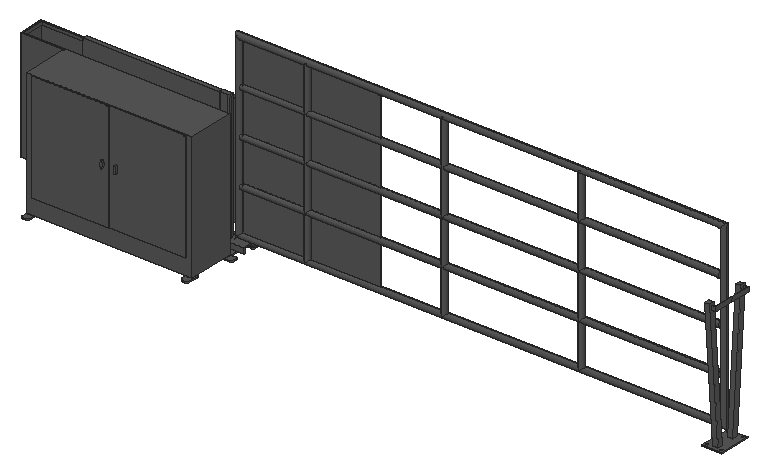
Revit family "1Construction_Fences-&-Traffic-Security_AutoGate_Cornhusker-Pivot-Gates", category Specialty Equipment, Revit 2023 (continued)
Definition of nested family "Gate Operator"
  Dimensions and locks (in)
    aligned and locked: plane 3 "Center (Left/Right)" to Extrusion 1
    aligned and locked: Extrusion 2 to plane 1 "Center (Front/Back)"
    aligned and locked: Extrusion 12 to plane 6
    aligned and locked: Extrusion 12 to plane 9
    aligned and locked: Extrusion 14 sketch curve to plane 5
    aligned and locked: Extrusion 14 sketch curve to plane 8
    aligned and locked: Extrusion 14 to plane 6
    aligned and locked: plane 10 to Extrusion 14
    aligned and locked: plane 8 to Masking region 7 sketch curve
    aligned and locked: plane 5 to Masking region 7 sketch curve
    aligned and locked: plane 5 to Extrusion 12 sketch curve  (x2)
    aligned and locked: Extrusion 15 to plane 11
    aligned and locked: plane 10 to Extrusion 15
    aligned and locked: plane 5 to Extrusion 13 sketch curve  (x2)
    aligned and locked: Extrusion 13 to plane 6
    aligned and locked: plane 10 to Extrusion 13
    aligned and locked: plane 5 to Masking region 5 sketch curve
    aligned and locked: Masking region 5 sketch curve to plane 5
    aligned and locked: Extrusion 11 sketch curve to plane 5  (x2)
    aligned and locked: Extrusion 12 sketch curve to plane 8
    aligned and locked: Extrusion 13 sketch curve to plane 8
    aligned and locked: Extrusion 16 sketch curve to plane 8
    aligned and locked: Extrusion 15 sketch curve to plane 8
  Automatic sketch dimensions
    plane 5 to Extrusion 1 sketch curve = 0.000"
    Extrusion 1 sketch curve to plane 3 "Center (Left/Right)" = 0.000"
    Extrusion 1 sketch curve to plane 6 = 0.000"
    level to Extrusion 1 sketch curve = 0.73989"
    plane 6 to Extrusion 2 sketch curve = 0.3625"  (x2)
    Extrusion 2 sketch curve to plane 5 = 2.17475"
    Extrusion 2 sketch curve to plane 10 = 0.3875"  (x2)
    Extrusion 2 sketch curve to Extrusion 2 sketch curve = 31.175"
    Extrusion 2 sketch curve to Extrusion 2 sketch curve = 0.4005"
    Extrusion 2 sketch curve to plane 3 "Center (Left/Right)" = 2.24975"
    Extrusion 3 sketch curve to Extrusion 2 = 7.64262"
    Extrusion 3 sketch curve to Extrusion 2 = 2.56264"
    Extrusion 3 sketch curve to Extrusion 3 sketch curve = 0.0015"
    Extrusion 3 sketch curve to Extrusion 3 sketch curve = 0.44195"
    Extrusion 3 sketch curve to Extrusion 2 = 1.75907"
    Extrusion 3 sketch curve to Extrusion 3 sketch curve = 0.80123"
    Extrusion 3 sketch curve to Extrusion 3 sketch curve = 0.80273"
    Extrusion 3 sketch curve to Extrusion 3 sketch curve = 4.72071"
    Extrusion 3 sketch curve to Extrusion 2 = 21.08697"
    Extrusion 3 sketch curve to Extrusion 3 sketch curve = 0.000"
    Extrusion 3 sketch curve to Extrusion 3 sketch curve = 1.22848"  (x2)
    Extrusion 3 sketch curve to Extrusion 3 sketch curve = 1.23435"  (x2)
    Extrusion 3 sketch curve to Extrusion 3 sketch curve = 1.2244"
    Extrusion 3 sketch curve to Extrusion 3 sketch curve = 1.21852"
    Extrusion 3 sketch curve to Extrusion 3 sketch curve = 0.31522"  (x4)
    Extrusion 3 sketch curve to Extrusion 3 sketch curve = 0.31672"  (x4)
    Extrusion 4 sketch curve to plane 4 = 0.09995"  (x2)
    plane 5 to Extrusion 4 sketch curve = 0.450"  (x2)
    Extrusion 4 sketch curve to plane 5 = 0.04995"  (x2)
    Extrusion 4 sketch curve to plane 5 = 0.050"
    Extrusion 4 sketch curve to plane 5 = 0.550"
    Extrusion 4 sketch curve to Extrusion 4 sketch curve = 1.000"  (x5)
    Extrusion 4 sketch curve to Extrusion 4 sketch curve = 2.000"
    Extrusion 4 sketch curve to Extrusion 4 sketch curve = 2.00005"  (x2)
    Extrusion 4 sketch curve to Extrusion 4 sketch curve = 0.500"  (x2)
    Extrusion 4 sketch curve to plane 4 = 0.100"
    Extrusion 4 sketch curve to plane 3 "Center (Left/Right)" = 2.625"  (x2)
    plane 4 to Extrusion 4 sketch curve = 0.400"
    Extrusion 4 sketch curve to Extrusion 4 sketch curve = 0.49995"
    Extrusion 4 sketch curve to plane 3 "Center (Left/Right)" = 0.625"
    Extrusion 4 sketch curve to plane 3 "Center (Left/Right)" = 0.125"
    plane 3 "Center (Left/Right)" to Extrusion 4 sketch curve = 0.375"  (x2)
    Extrusion 4 sketch curve to Extrusion 4 sketch curve = 0.125"  (x2)
    Extrusion 4 sketch curve to Extrusion 4 sketch curve = 1.375"  (x2)
    Extrusion 4 sketch curve to plane 4 = 0.600"
    Extrusion 4 sketch curve to Extrusion 4 sketch curve = 0.000"  (x2)
    Extrusion 4 sketch curve to Extrusion 4 sketch curve = 7.750"
    Extrusion 4 sketch curve to Extrusion 4 sketch curve = 13.000"
    Extrusion 4 sketch curve to plane 1 "Center (Front/Back)" = 2.900"  (x2)
    plane 1 "Center (Front/Back)" to Extrusion 4 sketch curve = 1.600"  (x2)
    Extrusion 5 sketch curve to plane 5 = 0.050"  (x2)
    Extrusion 5 sketch curve to Extrusion 5 sketch curve = 0.125"  (x10)
    Extrusion 5 sketch curve to Extrusion 5 sketch curve = 1.810"  (x7)
    Extrusion 5 sketch curve to plane 1 "Center (Front/Back)" = 0.495"
    Extrusion 5 sketch curve to Extrusion 5 sketch curve = 0.000"
    Extrusion 5 sketch curve to plane 3 "Center (Left/Right)" = 2.155"  (x2)
    Extrusion 5 sketch curve to plane 3 "Center (Left/Right)" = 0.220"  (x4)
    Extrusion 5 sketch curve to plane 3 "Center (Left/Right)" = 0.095"  (x2)
    Extrusion 5 sketch curve to plane 1 "Center (Front/Back)" = 0.370"
    Extrusion 5 sketch curve to plane 4 = 13.130"  (x2)
    Extrusion 6 sketch curve to plane 5 = 0.020"
    Extrusion 6 sketch curve to plane 3 "Center (Left/Right)" = 0.095"
    Extrusion 6 sketch curve to plane 4 = 2.130"
    Extrusion 6 sketch curve to plane 4 = 0.070"
    Extrusion 7 sketch curve to plane 5 = 0.020"
    Extrusion 7 sketch curve to Extrusion 7 sketch curve = 2.060"
    Extrusion 7 sketch curve to plane 3 "Center (Left/Right)" = 2.155"
    Extrusion 7 sketch curve to plane 3 "Center (Left/Right)" = 0.095"
    Extrusion 7 sketch curve to plane 4 = 2.130"  (x2)
    Extrusion 7 sketch curve to plane 4 = 0.070"  (x2)
    plane 10 to Extrusion 8 sketch curve = 2.66589"
    Extrusion 8 sketch curve to plane 4 = 9.630"
    Extrusion 8 sketch curve to Extrusion 8 sketch curve = 0.0625"  (x2)
    Extrusion 8 sketch curve to Extrusion 8 sketch curve = 0.250"  (x4)
    plane 10 to Extrusion 8 sketch curve = 3.22839"
    Extrusion 8 sketch curve to plane 4 = 4.1925"
    Extrusion 8 sketch curve to Extrusion 8 sketch curve = 1.6875"  (x2)
    Extrusion 9 sketch curve to plane 3 "Center (Left/Right)" = 7.000"
    Extrusion 9 sketch curve to Extrusion 9 sketch curve = 0.500"  (x3)
    Extrusion 9 sketch curve to Extrusion 9 sketch curve = 3.000"
    Extrusion 9 sketch curve to Extrusion 9 sketch curve = 0.000"
    Extrusion 9 sketch curve to plane 4 = 7.630"
    Extrusion 9 sketch curve to Extrusion 9 sketch curve = 1.000"
    Masking region 1 sketch curve to plane 5 = 0.000"
    plane 1 "Center (Front/Back)" to Masking region 1 sketch curve = 0.000"
    Masking region 1 sketch curve to plane 3 "Center (Left/Right)" = 0.000"
    Masking region 1 sketch curve to plane 5 = 0.020"
    plane 1 "Center (Front/Back)" to Masking region 1 sketch curve = 0.0433"  (x2)
    Masking region 1 sketch curve to plane 5 = 30.2876"
    Masking region 1 sketch curve to Masking region 1 sketch curve = 0.98864"  (x2)
    Masking region 1 sketch curve to Masking region 1 sketch curve = 4.5348"
    Masking region 1 sketch curve to plane 3 "Center (Left/Right)" = 7.000"
    Masking region 1 sketch curve to plane 3 "Center (Left/Right)" = 0.095"
    plane 3 "Center (Left/Right)" to Masking region 1 sketch curve = 4.500"
    Masking region 1 sketch curve to Masking region 1 sketch curve = 0.53784"  (x2)
    Masking region 1 sketch curve to plane 4 = 11.000"
    Masking region 1 sketch curve to Masking region 1 sketch curve = 1.370"
    Masking region 1 sketch curve to plane 4 = 3.630"
    Masking region 1 sketch curve to plane 4 = 2.130"
    Masking region 1 sketch curve to plane 4 = 0.070"
    plane 1 "Center (Front/Back)" to Masking region 2 sketch curve = 0.000"  (x2)
    Masking region 2 sketch curve to plane 5 = 0.000"  (x2)
    Masking region 2 sketch curve to plane 3 "Center (Left/Right)" = 0.000"
    plane 5 to Masking region 2 sketch curve = 0.450"  (x2)
    Masking region 2 sketch curve to plane 5 = 0.04995"  (x3)
    Masking region 2 sketch curve to plane 5 = 0.050"
    Masking region 2 sketch curve to plane 5 = 0.550"
    Masking region 2 sketch curve to Masking region 2 sketch curve = 1.000"  (x6)
    plane 4 to Masking region 2 sketch curve = 0.400"
    Masking region 2 sketch curve to Masking region 2 sketch curve = 2.00005"
    Masking region 2 sketch curve to Masking region 2 sketch curve = 0.62475"
    Masking region 2 sketch curve to plane 5 = 2.550"
    Masking region 2 sketch curve to plane 4 = 0.09995"  (x2)
    Masking region 2 sketch curve to Masking region 2 sketch curve = 0.500"  (x4)
    plane 1 "Center (Front/Back)" to Masking region 2 sketch curve = 0.0433"  (x2)
    Masking region 2 sketch curve to Masking region 2 sketch curve = 0.37525"  (x2)
    Masking region 2 sketch curve to plane 3 "Center (Left/Right)" = 7.000"
    Masking region 2 sketch curve to Masking region 2 sketch curve = 3.000"
    Masking region 2 sketch curve to Masking region 2 sketch curve = 0.000"  (x2)
    Masking region 2 sketch curve to plane 3 "Center (Left/Right)" = 2.625"  (x2)
    Masking region 2 sketch curve to Masking region 2 sketch curve = 0.875"
    Masking region 2 sketch curve to plane 4 = 0.070"
    Masking region 2 sketch curve to Masking region 2 sketch curve = 0.0009"
    Masking region 2 sketch curve to Masking region 2 sketch curve = 0.49905"
    Masking region 2 sketch curve to plane 3 "Center (Left/Right)" = 0.625"
    Masking region 2 sketch curve to plane 3 "Center (Left/Right)" = 0.125"
    Masking region 2 sketch curve to plane 3 "Center (Left/Right)" = 0.095"
    Masking region 2 sketch curve to plane 3 "Center (Left/Right)" = 0.075"
    plane 3 "Center (Left/Right)" to Masking region 2 sketch curve = 0.375"  (x3)
    Masking region 2 sketch curve to Masking region 2 sketch curve = 0.125"  (x2)
    plane 3 "Center (Left/Right)" to Masking region 2 sketch curve = 1.875"  (x2)
    Masking region 2 sketch curve to Masking region 2 sketch curve = 1.375"
    Masking region 2 sketch curve to Masking region 2 sketch curve = 1.5567"
    plane 1 "Center (Front/Back)" to Masking region 2 sketch curve = 1.600"
    Masking region 2 sketch curve to plane 1 "Center (Front/Back)" = 2.400"  (x2)
    Masking region 2 sketch curve to Masking region 2 sketch curve = 13.000"
    Masking region 2 sketch curve to Masking region 2 sketch curve = 13.49755"
    Masking region 2 sketch curve to Masking region 2 sketch curve = 2.10005"
    Masking region 2 sketch curve to Masking region 2 sketch curve = 0.525"
    Masking region 2 sketch curve to Masking region 2 sketch curve = 1.370"
    Masking region 2 sketch curve to Masking region 2 sketch curve = 2.000"  (x2)
    Masking region 2 sketch curve to Masking region 2 sketch curve = 0.905"
    Masking region 2 sketch curve to Masking region 2 sketch curve = 2.03005"
    Masking region 2 sketch curve to Masking region 2 sketch curve = 0.470"
    plane 1 "Center (Front/Back)" to Masking region 3 sketch curve = 0.000"  (x2)
    plane 1 "Center (Front/Back)" to Masking region 3 sketch curve = 0.0433"  (x2)
    Masking region 3 sketch curve to plane 5 = 2.17475"
    Masking region 3 sketch curve to Masking region 3 sketch curve = 31.175"
    Masking region 3 sketch curve to Masking region 3 sketch curve = 0.4005"
    Masking region 3 sketch curve to plane 3 "Center (Left/Right)" = 2.24975"
    plane 1 "Center (Front/Back)" to Extrusion 10 sketch curve = 0.000"
    Extrusion 10 sketch curve to plane 3 "Center (Left/Right)" = 0.000"
    Extrusion 10 sketch curve to plane 5 = 0.020"
    Extrusion 10 sketch curve to plane 4 = 0.070"
    plane 1 "Center (Front/Back)" to Masking region 4 sketch curve = 0.000"
    Masking region 4 sketch curve to plane 3 "Center (Left/Right)" = 0.000"
    Masking region 4 sketch curve to plane 5 = 0.020"
    Masking region 4 sketch curve to plane 4 = 0.070"
    Extrusion 14 sketch curve to plane 4 = 11.750"
    Extrusion 14 sketch curve to plane 4 = 1.380"
    Masking region 7 sketch curve to plane 1 "Center (Front/Back)" = 18.750"
    Masking region 7 sketch curve to Masking region 7 sketch curve = 10.370"
    Masking region 5 sketch curve to plane 13 = 6.51859"
    Masking region 5 sketch curve to Masking region 5 sketch curve = 1.78035"  (x2)
    Masking region 5 sketch curve to Masking region 5 sketch curve = 0.050"  (x2)
    Masking region 5 sketch curve to plane 4 = 0.42288"
    Extrusion 11 sketch curve to plane 13 = 6.51859"
    Extrusion 11 sketch curve to Extrusion 11 sketch curve = 1.78035"
    Extrusion 11 sketch curve to Extrusion 11 sketch curve = 0.050"  (x2)
    Extrusion 11 sketch curve to plane 4 = 2.25324"
    Extrusion 11 sketch curve to plane 4 = 0.42288"
    Extrusion 12 sketch curve to plane 13 = 5.185"
    Extrusion 12 sketch curve to Extrusion 12 sketch curve = 0.750"  (x2)
    Extrusion 12 sketch curve to plane 15 = 2.060"
    Extrusion 13 sketch curve to plane 7 = 1.200"
    Extrusion 13 sketch curve to plane 13 = 5.285"
    Extrusion 13 sketch curve to Extrusion 13 sketch curve = 0.100"  (x2)
    Extrusion 13 sketch curve to plane 15 = 1.310"
    Extrusion 16 sketch curve to plane 5 = 0.000"  (x2)
    Extrusion 16 sketch curve to plane 13 = 5.185"
    Extrusion 16 sketch curve to Extrusion 16 sketch curve = 0.750"  (x2)
    Extrusion 16 sketch curve to plane 15 = 2.060"
    Extrusion 15 sketch curve to plane 5 = 0.000"  (x2)
    Extrusion 15 sketch curve to plane 13 = 5.185"
    Extrusion 15 sketch curve to Extrusion 15 sketch curve = 0.750"  (x2)
    Extrusion 15 sketch curve to plane 15 = 2.060"
    Masking region 6 sketch curve to plane 5 = 0.000"  (x2)
    Masking region 6 sketch curve to plane 13 = 5.285"
    Masking region 6 sketch curve to Masking region 6 sketch curve = 0.850"  (x2)
    Masking region 6 sketch curve to plane 15 = 2.060"
Definition of nested family "Rail"
  Parameters (values of type "Rail")
    Visibility = yes
    Rail Length = Length - 2.000" * 2.375  # 195.250"
    Material = none
    Length = 200.000"
    Default Elevation = 0.000"
  Reference planes (in)
    plane 1 "Center (Front/Back)": y = 0
    plane 2: z = 0
    plane 3 "Center (Left/Right)": x = 0
    plane 4: x = -97.625
    plane 5: x = 97.625
    plane 6: z = 0
  Forms (in)
    Sweep 1, solid, material <- "Material", visible <- "Visibility", detail levels medium+fine
      path origin (0, 0, 0) x (1, 0, 0) y (0, 0, 1)
        loop
          line (-97.625, 0) -> (97.625, 0)
      profile origin (0, 0, 0) x (0, 0, 1) y (0, -1, 0)
        loop
          circle (1.1875, 0) r 1.1875
  Dimensions and locks (in)
    equal spacing: plane 5, plane 3 "Center (Left/Right)", plane 4
    "Rail Length": plane 5 to plane 4
    aligned and locked: level to plane 2
    aligned and locked: plane 4 to Sweep 1 sketch curve
    aligned and locked: plane 5 to Sweep 1 sketch curve
    aligned and locked: plane 6 to Sweep 1 sketch curve
  Automatic sketch dimensions
    Sweep 1 sketch curve to plane 1 "Center (Front/Back)" = 0.000"
    Sweep 1 sketch curve to profile plane = 1.1875"
    radius of Sweep 1 sketch curve = 1.1875"
Definition of nested family "Upright"
  Parameters (values of type "Upright")
    Upright Height = Height - 1.188" - 5.000" - 1.188"  # 88.624"
    Material = none
    Height = 96.000"
    Default Elevation = 0.000"
  Reference planes (in)
    plane 1 "Center (Front/Back)": y = 0
    plane 2: z = 0
    plane 3 "Center (Left/Right)": x = 0
    plane 4: z = 88.624
    plane 5: x = -1.1875
  Forms (in)
    Sweep 1, solid, material <- "Material", detail levels medium+fine
      path origin (0, 0, 0) x (1, 0, 0) y (0, 0, 1)
        loop
          line (0, 88.624) -> (0, 0)
      profile origin (0, 0, 44.312) x (0, -1, 0) y (1, 0, 0)
        loop
          circle (0, 0) r 1.1875
  Dimensions and locks (in)
    "Upright Height": plane 4 to plane 2
    aligned and locked: level to plane 2
    aligned and locked: Sweep 1 sketch curve to plane 3 "Center (Left/Right)"
    aligned and locked: plane 4 to Sweep 1 sketch curve
    aligned and locked: plane 2 to Sweep 1 sketch curve
  Automatic sketch dimensions
    plane 1 "Center (Front/Back)" to Sweep 1 sketch curve = 0.000"
    Sweep 1 sketch curve to profile plane = 0.000"
    radius of Sweep 1 sketch curve = 1.1875"
